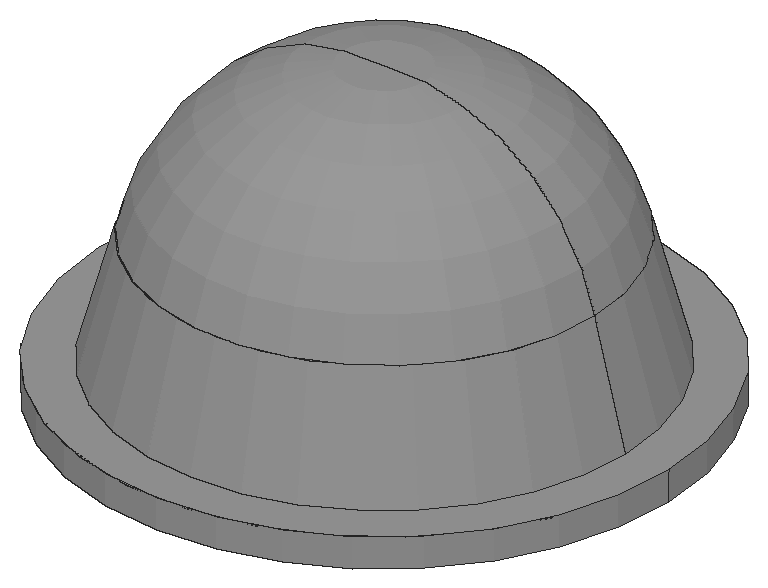
Revit family "HOLM-DOWN_LIGHT_LED_24W_O200+connect_19_4000K", category Lighting Fixtures, host Ceiling, Revit 2021
Family settings
  Host = Ceiling
  Round Connector Dimension = Use Diameter
  Part Type = Normal
  OmniClass Number = 23.80.70.11
  OmniClass Title = Luminaries for Internal Lighting
  Always vertical = Yes
  Cut with Voids When Loaded = No
  Light Source = Yes
  Shared = No
  Room Calculation Point = No
Parameters (values of type "Type 1")
  Wattage = 18.0084 W
  built-in parameter 1150110 = 1 (stored number, unit not read)
  URL = "https://www.lucera.fr/"
  Type de lampe = "LED XC-COB Bridgelux 2630"
  built-in parameter 1114217 = 1 (stored number, unit not read)
  Tilt Angle = 90.00°
  built-in parameter 1150109 = 1 (stored number, unit not read)
  built-in parameter 1150134 = 12
  built-in parameter 1150113 = 1 (stored number, unit not read)
  SDCM = "3"
  Puissance nominale = "23.5W"
  Photometric Web File = "light.ies"
  Matériau = "Aluminium"
  Manufacturer = "Lucera - Lucera (c) 06/01/2021 16:39:26 +01:00"  # constant formula
  Maintien du flux = "L80B10 (50 000 heures)"
  Lumens = 2675 lm
  built-in parameter 1150115 = 1 (stored number, unit not read)
  built-in parameter 1150105 = 212.87 (stored number, unit not read)
  built-in parameter 1150137 = (empty or 0)
  built-in parameter 1150139 = (empty or 0)
  built-in parameter 1150112 = 1 (stored number, unit not read)
  built-in parameter 1150114 = 1 (stored number, unit not read)
  built-in parameter 1150132 = 2
  built-in parameter 1150102 = (empty or 0)
  built-in parameter 1150138 = (empty or 0)
  built-in parameter 1150107 = 4000 (stored number, unit not read)
  built-in parameter 1150106 = 2.1287 (stored number, unit not read)
  IRC = ">90"
  built-in parameter 1150104 = 13.8 (stored number, unit not read)
  Durée de vie = "50 000 heures"
  Driver = "Driver Lifud TUV CE CCC"
  Dimming Lamp Color Temperature Shift = <None>
  Dimensions = "Ø 200 mm, H = 105 mm"
  Dimension découpe = "Ø 170-190 mm"
  Default Elevation = 0 mm
  Couleur = "Blanc"
  Color Filter = 16777215
  built-in parameter 1114218 = 1 (stored number, unit not read)
  built-in parameter 1150133 = 10 (stored number, unit not read)
  Angle d'éclairage = "60°"
  Alimentation luminaire = "33-40V dc / 600mA"
  Alimentation Driver = "AC 220-240V"
Reference planes
  plane 1 "Light Source Axis (F/B)": y = 0
  plane 2: z = 0
  plane 3 "Light Source Axis (L/R)": x = 0
  plane 4 "Ceiling": z = 4000
  plane 5 "Light Source Elevation": z = 3991.673
Forms (mm)
  Blend 1, solid, material "Aluminum, blanc"
    base sketch origin (0, 0, 4000) x (0, 1, 0) y (-1, 0, 0)
      loop
        circle (0, 0) r 85
    top sketch origin (0, 0, 4000) x (0, 1, 0) y (-1, 0, 0)
      loop
        circle (0, 0) r 74
    from 0 to 39.386
  Extrusion 2, solid, material "Aluminum, blanc"
    sketch origin (0, 0, 4000) x (0, 1, 0) y (-1, 0, 0)
      loop
        circle (0, 0) r 100
      loop
        circle (0, 0) r 74
    from -10 to 0
  Extrusion 3, solid, material "Glass, White, High Luminance"
    sketch origin (0, 0, 4000) x (0, 1, 0) y (-1, 0, 0)
      loop
        circle (0, 0) r 74
    from -10 to 0
  Revolve 4, solid, material "Aluminum, gris"
    sketch origin (0, 0, 0) x (1, 0, 0) y (0, 0, 1)
      loop
        line (0, 4092.095) -> (0, 4039.386) -> (74, 4039.386)
        arc (74, 4039.386) -> (46.966, 4079.732) -> (0, 4092.095) r 68.652
      axis (0, 4092.095) -> (0, 4039.386)
    angle from 0 to 360
Lines and regions (mm)
  reference lines
    curve 1: line (0, 0, 4000) -> (74, 0, 4000)
    curve 2: line (0, 0, 4000) -> (-74, 0, 4000)
    curve 3: line (0, 0, 3750) -> (0, 0, 3835)
    curve 4: line (0, 0, 3990) -> (0, 0, 4075)
    curve 5: line (0, 0, 4000) -> (100, 0, 4000)
    curve 6: line (0, 0, 4000) -> (-100, 0, 4000)
    curve 7: line (0, 0, 3990) -> (0, 0, 4095)
Dimensions and locks
  equal spacing: host sketch curve, plane 3 "Light Source Axis (L/R)", host sketch curve
  equal spacing: host sketch curve, plane 1 "Light Source Axis (F/B)", host sketch curve
  host sketch curve to host sketch curve = 4000 mm  (x2)
  plane 4 "Ceiling" to host ceiling = 0 mm
  aligned and locked: plane 1 "Light Source Axis (F/B)" to imposter light
  aligned and locked: plane 5 "Light Source Elevation" to imposter light
